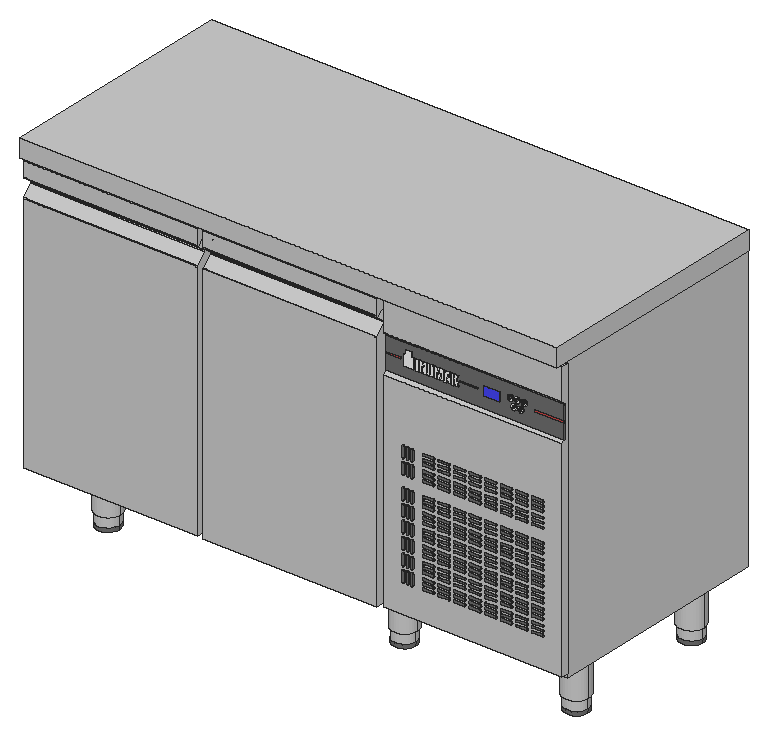
Revit family "QF_INOMAK_PMRP99_250528104133", category Specialty Equipment, Revit 2021 (continued)
Definition of nested family "QF_INOMAK_REF_COUNTERS_DOORS_DRAWERS_16690"
  Definition of nested family "4_Drawers_1-4"
    Parameters (values of type "4 Drawers 1-4")
      Description = ""
      Depth Actual [instance] = 700 mm
      Default Elevation = 0 mm
      Bottom inset [instance] = 4 mm
      Assembly Code = "E1090320"
      4 Drawers [instance] = Doors drawers type = 7  # yes
    Reference planes
      plane 1 "Back": y = 0
      plane 2: z = 0
      plane 3 "Left": x = 0
      plane 4 "Right": x = 1200
      plane 5 "Front": y = -700
      plane 6 "Top": z = 1050
      plane 7 "Front legs": y = -690
      plane 8 "Legs top": z = 150
      plane 9 "Backsplash thickness": y = -10
      plane 10 "Left panel": x = 35
      plane 11 "Right panel": x = 1165
      plane 12: z = 824.25
      plane 13: z = 1046
      plane 14: z = 826.083
      plane 15: z = 822.417
      plane 16: z = 1048.5
      plane 17: z = 375.75
      plane 18: z = 377.917
      plane 19: z = 373.583
      plane 20: z = 154
      plane 21: z = 151.5
      plane 22: z = 600
      plane 23: z = 601.833
      plane 24: z = 598.167
    Forms (mm)
      Extrusion 1, solid, material <- "Finish", visible <- "4 Drawers"
        sketch origin (35, 0, -1) x (0, -1, 0) y (0, 0, 1)
          loop
            line (680, 1047) -> (670, 1047) -> (670, 827.083) -> (690, 827.083) -> (690, 990.844)
            arc (690, 990.844) -> (689.115, 996.728) -> (686.539, 1002.09) r 20
            line (686.539, 1002.09) -> (673, 1022) -> (673, 1044) -> (680, 1044)
            arc (680, 1044) -> (684.95, 1041.95) -> (687, 1037) r 7
            line (687, 1037) -> (687, 1031.988) -> (690, 1031.988) -> (690, 1037)
            arc (690, 1037) -> (687.071, 1044.071) -> (680, 1047) r 10
        from 0 to -1130
      Extrusion 2, solid, visible <- "4 Drawers", detail levels coarse
        sketch origin (0, -640.463, 826.083) x (0, 1, 0) y (-1, 0, 0)
          loop
            line (-49.537, -35) -> (-624.537, -35) -> (-624.537, -1165) -> (-49.537, -1165) -> (-49.537, -35)
        from 0 to 219.917
      Extrusion 3, solid, visible <- "4 Drawers", detail levels coarse
        sketch origin (0, -700, 154) x (-1, 0, 0) y (0, 1, 0)
          loop
            line (-35, 10) -> (-1165, 10) -> (-1165, -565) -> (-35, -565) -> (-35, 10)
        from 0 to -219.583
      Extrusion 4, solid, material <- "Finish", visible <- "4 Drawers"
        sketch origin (35, 0, -440.333) x (0, -1, 0) y (0, 0, 1)
          loop
            line (680, 813.917) -> (670, 813.917) -> (670, 594.333) -> (690, 594.333) -> (690, 757.761)
            arc (690, 757.761) -> (689.115, 763.644) -> (686.539, 769.007) r 20
            line (686.539, 769.007) -> (673, 788.917) -> (673, 810.917) -> (680, 810.917)
            arc (680, 810.917) -> (684.95, 808.866) -> (687, 803.917) r 7
            line (687, 803.917) -> (687, 798.904) -> (690, 798.904) -> (690, 803.917)
            arc (690, 803.917) -> (687.071, 810.988) -> (680, 813.917) r 10
        from 0 to -1130
      Extrusion 5, solid, material <- "Finish", visible <- "4 Drawers"
        sketch origin (35, 0, -165.333) x (0, -1, 0) y (0, 0, 1)
          loop
            line (680, 987.75) -> (670, 987.75) -> (670, 767.167) -> (690, 767.167) -> (690, 931.594)
            arc (690, 931.594) -> (689.115, 937.478) -> (686.539, 942.84) r 20
            line (686.539, 942.84) -> (673, 962.75) -> (673, 984.75) -> (680, 984.75)
            arc (680, 984.75) -> (684.95, 982.7) -> (687, 977.75) r 7
            line (687, 977.75) -> (687, 972.738) -> (690, 972.738) -> (690, 977.75)
            arc (690, 977.75) -> (687.071, 984.821) -> (680, 987.75) r 10
        from 0 to -1130
      Extrusion 6, solid, material <- "Finish", visible <- "4 Drawers"
        sketch origin (35, 0, -330.333) x (0, -1, 0) y (0, 0, 1)
          loop
            line (680, 928.5) -> (670, 928.5) -> (670, 708.25) -> (690, 708.25) -> (690, 872.344)
            arc (690, 872.344) -> (689.115, 878.228) -> (686.539, 883.59) r 20
            line (686.539, 883.59) -> (673, 903.5) -> (673, 925.5) -> (680, 925.5)
            arc (680, 925.5) -> (684.95, 923.45) -> (687, 918.5) r 7
            line (687, 918.5) -> (687, 913.488) -> (690, 913.488) -> (690, 918.5)
            arc (690, 918.5) -> (687.071, 925.571) -> (680, 928.5) r 10
        from 0 to -1130
      Extrusion 7, solid, visible <- "4 Drawers", detail levels coarse
        sketch origin (0, -500.463, 601.833) x (0, 1, 0) y (-1, 0, 0)
          loop
            line (-189.537, -35) -> (-764.537, -35) -> (-764.537, -1165) -> (-189.537, -1165) -> (-189.537, -35)
        from 0 to 220.583
      Extrusion 8, solid, visible <- "4 Drawers", detail levels coarse
        sketch origin (0, -540.463, 377.917) x (0, 1, 0) y (-1, 0, 0)
          loop
            line (-149.537, -35) -> (-724.537, -35) -> (-724.537, -1165) -> (-149.537, -1165) -> (-149.537, -35)
        from 0 to 220.25
    Lines and regions (mm)
      symbolic lines, visible <- "4 Drawers"
        curve 1: line (35, -945, 900) -> (35, -985, 900)
        curve 2: line (35, -985, 900) -> (1165, -985, 900)
        curve 3: line (1165, -985, 900) -> (1165, -945, 900)
        curve 4: line (1165, -945, 900) -> (35, -945, 900)
        curve 5: line (1135, -945, 900) -> (1135, -845, 900)
        curve 6: line (65, -945, 900) -> (65, -845, 900)
        curve 7: line (35, -1085, 900) -> (35, -1125, 900)
        curve 8: line (35, -1125, 900) -> (1165, -1125, 900)
        curve 9: line (1165, -1125, 900) -> (1165, -1085, 900)
        curve 10: line (1165, -1085, 900) -> (35, -1085, 900)
        curve 11: line (1135, -1085, 900) -> (1135, -985, 900)
        curve 12: line (65, -1085, 900) -> (65, -985, 900)
        curve 13: line (35, -1225, 900) -> (35, -1265, 900)
        curve 14: line (35, -1265, 900) -> (1165, -1265, 900)
        curve 15: line (1165, -1265, 900) -> (1165, -1225, 900)
        curve 16: line (1165, -1225, 900) -> (35, -1225, 900)
        curve 17: line (1135, -1225, 900) -> (1135, -1125, 900)
        curve 18: line (65, -1225, 900) -> (65, -1125, 900)
        curve 19: line (35, -805, 900) -> (35, -845, 900)
        curve 20: line (35, -845, 900) -> (1165, -845, 900)
        curve 21: line (1165, -845, 900) -> (1165, -805, 900)
        curve 22: line (1165, -805, 900) -> (35, -805, 900)
        curve 23: line (65, -805, 900) -> (65, -700, 900)
        curve 24: line (1135, -805, 900) -> (1135, -700, 900)
    Dimensions and locks
      "Length Actual": plane 3 "Left" to plane 4 "Right"
      "Depth Actual": plane 5 "Front" to plane 1 "Back"
      "Height Actual": plane 6 "Top" to plane 8 "Legs top"
      "Front inset": plane 7 "Front legs" to plane 5 "Front"
      "Plinth height": plane 8 "Legs top" to plane 2
      "Rear inset": plane 9 "Backsplash thickness" to plane 1 "Back"
      "Right panel thickness": plane 11 "Right panel" to plane 4 "Right"
      "Left panel thickness": plane 3 "Left" to plane 10 "Left panel"
      locked: plane 14 to plane 15 at 3.667
      equal spacing: plane 14, plane 12, plane 15
      locked: plane 23 to plane 24 at 3.667
      equal spacing: plane 23, plane 22, plane 24
      "Bottom inset": plane 20 to plane 8 "Legs top"
      equal spacing: plane 19, plane 17, plane 18
      locked: plane 19 to plane 18 at 4.333
      equal spacing: plane 21, plane 17, plane 22, plane 12, plane 16
      locked: plane 13 to plane 16 at 2.5
      "Top inset": plane 13 to plane 6 "Top"
      locked: plane 21 to plane 20 at 2.5
      aligned and locked: level to plane 2
      aligned and locked: plane 7 "Front legs" to Extrusion 1 sketch curve  (x2)
      aligned and locked: Extrusion 1 to plane 11 "Right panel"
      aligned and locked: Extrusion 1 sketch curve to plane 13
      aligned and locked: Extrusion 1 sketch curve to plane 14
      aligned and locked: plane 10 "Left panel" to curve 1
      aligned and locked: plane 10 "Left panel" to curve 7
      aligned and locked: plane 10 "Left panel" to curve 13
      aligned and locked: Extrusion 2 sketch curve to plane 10 "Left panel"
      aligned and locked: plane 11 "Right panel" to Extrusion 2 sketch curve
      aligned and locked: Extrusion 3 sketch curve to plane 10 "Left panel"
      aligned and locked: plane 11 "Right panel" to Extrusion 3 sketch curve
      aligned and locked: Extrusion 2 to plane 13
      aligned and locked: Extrusion 3 to plane 19
      aligned and locked: plane 20 to Extrusion 4 sketch curve
      aligned and locked: Extrusion 4 to plane 11 "Right panel"
      aligned and locked: Extrusion 5 sketch curve to plane 15
      aligned and locked: plane 7 "Front legs" to Extrusion 5 sketch curve
      aligned and locked: Extrusion 5 sketch curve to plane 23
      aligned and locked: Extrusion 6 sketch curve to plane 24
      aligned and locked: plane 7 "Front legs" to Extrusion 6 sketch curve
      aligned and locked: Extrusion 6 sketch curve to plane 18
      aligned and locked: Extrusion 7 to plane 15
      aligned and locked: Extrusion 8 to plane 24
      aligned and locked: Extrusion 5 to plane 11 "Right panel"
      aligned and locked: Extrusion 6 to plane 11 "Right panel"
    Automatic sketch dimensions
      Extrusion 1 sketch curve to Extrusion 1 sketch curve = 0 mm  (x2)
      plane 7 "Front legs" to Extrusion 1 sketch curve = 3 mm
      plane 7 "Front legs" to Extrusion 1 sketch curve = 3.461 mm
      plane 7 "Front legs" to Extrusion 1 sketch curve = 10 mm
      Extrusion 1 sketch curve to Extrusion 1 sketch curve = 7 mm
      plane 7 "Front legs" to Extrusion 1 sketch curve = 20 mm  (x2)
      Extrusion 1 sketch curve to Extrusion 1 sketch curve = 46.156 mm
      Extrusion 1 sketch curve to Extrusion 1 sketch curve = 15 mm
      Extrusion 1 sketch curve to Extrusion 1 sketch curve = 5.012 mm
      Extrusion 2 sketch curve to plane 7 "Front legs" = 0 mm
      Extrusion 2 sketch curve to plane 5 "Front" = 565 mm
      Extrusion 3 sketch curve to plane 7 "Front legs" = 0 mm
      Extrusion 3 sketch curve to plane 5 "Front" = 565 mm
      Extrusion 5 sketch curve to Extrusion 5 sketch curve = 0 mm  (x2)
      Extrusion 5 sketch curve to plane 7 "Front legs" = 0 mm
      plane 7 "Front legs" to Extrusion 5 sketch curve = 3 mm
      plane 7 "Front legs" to Extrusion 5 sketch curve = 3.461 mm
      plane 7 "Front legs" to Extrusion 5 sketch curve = 10 mm
      Extrusion 5 sketch curve to Extrusion 5 sketch curve = 7 mm
      plane 7 "Front legs" to Extrusion 5 sketch curve = 20 mm  (x2)
      Extrusion 5 sketch curve to Extrusion 5 sketch curve = 46.156 mm
      Extrusion 5 sketch curve to Extrusion 5 sketch curve = 15 mm
      Extrusion 5 sketch curve to Extrusion 5 sketch curve = 5.012 mm
      Extrusion 6 sketch curve to Extrusion 6 sketch curve = 0 mm  (x2)
      Extrusion 6 sketch curve to plane 7 "Front legs" = 0 mm
      plane 7 "Front legs" to Extrusion 6 sketch curve = 3 mm
      plane 7 "Front legs" to Extrusion 6 sketch curve = 3.461 mm
      plane 7 "Front legs" to Extrusion 6 sketch curve = 10 mm
      Extrusion 6 sketch curve to Extrusion 6 sketch curve = 7 mm
      plane 7 "Front legs" to Extrusion 6 sketch curve = 20 mm  (x2)
      Extrusion 6 sketch curve to Extrusion 6 sketch curve = 46.156 mm
      Extrusion 6 sketch curve to Extrusion 6 sketch curve = 15 mm
      Extrusion 6 sketch curve to Extrusion 6 sketch curve = 5.012 mm
      curve 14 to plane 11 "Right panel" = 0 mm
      curve 8 to plane 11 "Right panel" = 0 mm
      curve 2 to plane 11 "Right panel" = 0 mm
      curve 21 to plane 11 "Right panel" = 0 mm
      curve 20 to plane 10 "Left panel" = 0 mm
      curve 23 to plane 5 "Front" = 0 mm
      curve 24 to plane 5 "Front" = 0 mm
      curve 21 to plane 5 "Front" = 105 mm
      curve 20 to curve 21 = 40 mm
      curve 3 to curve 20 = 100 mm
      curve 3 to curve 3 = 40 mm
      curve 10 to curve 1 = 100 mm
      curve 9 to curve 9 = 40 mm
      curve 15 to curve 8 = 100 mm
      curve 15 to curve 15 = 40 mm
      plane 11 "Right panel" to curve 24 = 30 mm
      curve 8 to curve 17 = 30 mm
      curve 11 to curve 17 = 0 mm
      curve 23 to plane 10 "Left panel" = 30 mm
      curve 12 to curve 6 = 0 mm
      curve 18 to curve 12 = 0 mm
      Extrusion 4 sketch curve to Extrusion 4 sketch curve = 0 mm  (x2)
      plane 19 to Extrusion 4 sketch curve = 0 mm
      Extrusion 4 sketch curve to plane 7 "Front legs" = 0 mm  (x2)
      plane 7 "Front legs" to Extrusion 4 sketch curve = 3 mm
      plane 7 "Front legs" to Extrusion 4 sketch curve = 3.461 mm
      plane 7 "Front legs" to Extrusion 4 sketch curve = 10 mm
      Extrusion 4 sketch curve to Extrusion 4 sketch curve = 7 mm
      plane 7 "Front legs" to Extrusion 4 sketch curve = 20 mm  (x2)
      Extrusion 4 sketch curve to Extrusion 4 sketch curve = 46.156 mm
      Extrusion 4 sketch curve to Extrusion 4 sketch curve = 15 mm
      Extrusion 4 sketch curve to Extrusion 4 sketch curve = 5.012 mm
      Extrusion 7 sketch curve to plane 10 "Left panel" = 0 mm
      Extrusion 7 sketch curve to plane 11 "Right panel" = 0 mm
      Extrusion 7 sketch curve to plane 7 "Front legs" = 0 mm
      Extrusion 7 sketch curve to plane 5 "Front" = 565 mm
      Extrusion 8 sketch curve to plane 10 "Left panel" = 0 mm
      Extrusion 8 sketch curve to plane 11 "Right panel" = 0 mm
      Extrusion 8 sketch curve to plane 7 "Front legs" = 0 mm
      Extrusion 8 sketch curve to plane 5 "Front" = 565 mm
      curve 6 to plane 10 "Left panel" = 30 mm
      curve 5 to curve 24 = 0 mm
  Definition of nested family "Hinged_Doors"
    Parameters (values of type "Hinged doors")
      URL = "www.specifiglobal.com"
      Top inset [instance] = 4 mm
      Right panel thickness [instance] = 35 mm
      Rear inset [instance] = 10 mm
      Plinth height [instance] = 150 mm
      Model = ""
      Manufacturer = "DEMO CONSULTANT"
      Length Actual [instance] = 1200 mm
      Left panel thickness [instance] = 35 mm
      Hinged doors [instance] = Doors drawers type = 3  # yes
      Height Actual [instance] = 900 mm
      Front inset [instance] = 10 mm
      Finish [instance] = none
      Doors drawers type [instance] = 3
      Description = ""
      Depth Actual [instance] = 700 mm
      Default Elevation = 0 mm
      Bottom inset [instance] = 4 mm
      Assembly Code = "E1090320"
    Reference planes
      plane 1 "Back": y = 0
      plane 2: z = 0
      plane 3 "Left": x = 0
      plane 4 "Right": x = 1200
      plane 5 "Front": y = -700
      plane 6 "Top": z = 1050
      plane 7 "Front legs": y = -690
      plane 8 "Legs top": z = 150
      plane 9 "Backsplash thickness": y = -10
      plane 10: x = 35
      plane 11: x = 1165
      plane 12 "Center Left-Right": x = 600
      plane 13: x = 597.5
      plane 14: x = 602.5
      plane 15: z = 154
      plane 16: z = 1046
    Forms (mm)
      Extrusion 1, solid, material <- "Finish", visible <- "Hinged doors"
        sketch origin (35, -2307.849, 4000) x (0, -1, 0) y (0, 0, 1)
          loop
            line (-1627.849, -2954) -> (-1637.849, -2954) -> (-1637.849, -3846) -> (-1617.849, -3846) -> (-1617.849, -3010.156)
            arc (-1617.849, -3010.156) -> (-1618.734, -3004.272) -> (-1621.31, -2998.91) r 20
            line (-1621.31, -2998.91) -> (-1634.849, -2979) -> (-1634.849, -2957) -> (-1627.849, -2957)
            arc (-1627.849, -2957) -> (-1622.899, -2959.05) -> (-1620.849, -2964) r 7
            line (-1620.849, -2964) -> (-1620.849, -2969.012) -> (-1617.849, -2969.012) -> (-1617.849, -2964)
            arc (-1617.849, -2964) -> (-1620.778, -2956.929) -> (-1627.849, -2954) r 10
        from 0 to -562.5
      Extrusion 2, solid, visible <- "Hinged doors", detail levels coarse
        sketch origin (0, -700, 154) x (-1, 0, 0) y (0, 1, 0)
          loop
            line (-35, 10) -> (-597.5, 10)
            arc (-597.5, 10) -> (-432.748, -387.748) -> (-35, -552.5) r 562.5
            line (-35, -552.5) -> (-35, 10)
        from 0 to -892
      Extrusion 3, solid, material <- "Finish", visible <- "Hinged doors"
        sketch origin (1165, -2312.576, 4000) x (0, -1, 0) y (0, 0, 1)
          loop
            line (-1632.576, -2954) -> (-1642.576, -2954) -> (-1642.576, -3846) -> (-1622.576, -3846) -> (-1622.576, -3010.156)
            arc (-1622.576, -3010.156) -> (-1623.46, -3004.272) -> (-1626.037, -2998.91) r 20
            line (-1626.037, -2998.91) -> (-1639.576, -2979) -> (-1639.576, -2957) -> (-1632.576, -2957)
            arc (-1632.576, -2957) -> (-1627.626, -2959.05) -> (-1625.576, -2964) r 7
            line (-1625.576, -2964) -> (-1625.576, -2969.012) -> (-1622.576, -2969.012) -> (-1622.576, -2964)
            arc (-1622.576, -2964) -> (-1625.504, -2956.929) -> (-1632.576, -2954) r 10
        from 0 to 562.5
      Extrusion 4, solid, visible <- "Hinged doors", detail levels coarse
        sketch origin (0, -700, 154) x (-1, 0, 0) y (0, 1, 0)
          loop
            line (-1165, 10) -> (-1165, -552.5)
            arc (-1165, -552.5) -> (-767.252, -387.748) -> (-602.5, 10) r 562.5
            line (-602.5, 10) -> (-1165, 10)
        from 0 to -892
    Lines and regions (mm)
      symbolic lines, visible <- "Hinged doors"
        curve 1: line (35, -700, 150) -> (35, -1252.5, 150)
        curve 2: arc (35, -1252.5, 150) -> (429.196, -1091.268, 150) -> (597.411, -700, 150) r 562.5
        curve 3: arc (602.589, -700, 150) -> (770.804, -1091.268, 150) -> (1165, -1252.5, 150) r 562.5
        curve 4: line (1165, -1252.5, 150) -> (1165, -700, 150)
    Dimensions and locks
      "Length Actual": plane 3 "Left" to plane 4 "Right"
      "Depth Actual": plane 5 "Front" to plane 1 "Back"
      "Height Actual": plane 6 "Top" to plane 8 "Legs top"
      "Front inset": plane 7 "Front legs" to plane 5 "Front"
      "Plinth height": plane 8 "Legs top" to plane 2
      "Rear inset": plane 9 "Backsplash thickness" to plane 1 "Back"
      "Right panel thickness": plane 11 to plane 4 "Right"
      "Left panel thickness": plane 3 "Left" to plane 10
      equal spacing: plane 10, plane 12 "Center Left-Right", plane 11
      plane 13 to plane 12 "Center Left-Right" = 2.5 mm
      plane 12 "Center Left-Right" to plane 14 = 2.5 mm
      "Bottom inset": plane 15 to plane 8 "Legs top"
      "Top inset": plane 16 to plane 6 "Top"
      aligned and locked: level to plane 2
      aligned and locked: Extrusion 1 to plane 13
      aligned and locked: plane 10 to Extrusion 2 sketch curve
      aligned and locked: plane 13 to Extrusion 2 sketch curve
      aligned and locked: plane 7 "Front legs" to Extrusion 2 sketch curve  (x2)
      aligned and locked: plane 14 to Extrusion 3
      aligned and locked: Extrusion 2 to curve 1
      aligned and locked: curve 2 to Extrusion 2
      aligned and locked: curve 3 to Extrusion 4
      aligned and locked: curve 4 to Extrusion 4
      aligned and locked: plane 5 "Front" to curve 1
      aligned and locked: plane 5 "Front" to curve 2
      aligned and locked: plane 5 "Front" to curve 3
      aligned and locked: plane 5 "Front" to curve 4
      aligned and locked: Extrusion 4 to plane 16
      aligned and locked: Extrusion 2 to plane 16
      aligned and locked: Extrusion 1 sketch curve to plane 16
      aligned and locked: Extrusion 1 sketch curve to plane 15
      aligned and locked: Extrusion 3 sketch curve to plane 15
      aligned and locked: Extrusion 3 sketch curve to plane 16
    Automatic sketch dimensions
      Extrusion 1 sketch curve to Extrusion 1 sketch curve = 0 mm  (x2)
      Extrusion 1 sketch curve to plane 7 "Front legs" = 0 mm  (x2)
      plane 7 "Front legs" to Extrusion 1 sketch curve = 3 mm
      plane 7 "Front legs" to Extrusion 1 sketch curve = 3.461 mm
      plane 7 "Front legs" to Extrusion 1 sketch curve = 10 mm
      Extrusion 1 sketch curve to Extrusion 1 sketch curve = 7 mm
      plane 7 "Front legs" to Extrusion 1 sketch curve = 20 mm  (x2)
      Extrusion 1 sketch curve to Extrusion 1 sketch curve = 46.156 mm
      Extrusion 1 sketch curve to Extrusion 1 sketch curve = 15 mm
      Extrusion 1 sketch curve to Extrusion 1 sketch curve = 5.012 mm
      Extrusion 3 sketch curve to Extrusion 3 sketch curve = 0 mm  (x2)
      Extrusion 3 sketch curve to plane 7 "Front legs" = 0 mm  (x2)
      Extrusion 3 sketch curve to Extrusion 3 sketch curve = 3 mm
      plane 7 "Front legs" to Extrusion 3 sketch curve = 3.461 mm
      plane 7 "Front legs" to Extrusion 3 sketch curve = 10 mm
      Extrusion 3 sketch curve to Extrusion 3 sketch curve = 7 mm
      Extrusion 3 sketch curve to Extrusion 3 sketch curve = 16.539 mm
      Extrusion 3 sketch curve to Extrusion 3 sketch curve = 20 mm
      Extrusion 3 sketch curve to Extrusion 3 sketch curve = 46.156 mm
      Extrusion 3 sketch curve to Extrusion 3 sketch curve = 15 mm
      Extrusion 3 sketch curve to Extrusion 3 sketch curve = 5.012 mm
      Extrusion 4 sketch curve to plane 11 = 0 mm
      Extrusion 4 sketch curve to plane 7 "Front legs" = 0 mm
      Extrusion 4 sketch curve to plane 14 = 0 mm
  Definition of nested family "Hopper"
    Parameters (values of type "Hopper")
      URL = "www.specifiglobal.com"
      Top inset [instance] = 4 mm
      Right panel thickness [instance] = 35 mm
      Rear inset [instance] = 10 mm
      Plinth height [instance] = 150 mm
      Model = ""
      Manufacturer = "DEMO CONSULTANT"
      Length Actual [instance] = 700 mm
      Left panel thickness [instance] = 35 mm
      Hopper [instance] = Doors drawers type = 10  # yes
      Height Actual [instance] = 900 mm
      Front inset [instance] = 10 mm
      Finish [instance] = none
      Doors drawers type [instance] = 10
      Description = ""
      Depth Actual [instance] = 700 mm
      Default Elevation = 0 mm
      Bottom inset [instance] = 4 mm
      Assembly Code = "E1090320"
      2 Drawers = yes
    Reference planes
      plane 1 "Back": y = 0
      plane 2: z = 0
      plane 3 "Left": x = 0
      plane 4 "Right": x = 700
      plane 5 "Front": y = -700
      plane 6 "Top": z = 1050
      plane 7 "Front legs": y = -690
      plane 8 "Legs top": z = 150
      plane 9 "Backsplash thickness": y = -10
      plane 10 "Left panel": x = 35
      plane 11 "Right panel": x = 665
      plane 12: z = 1046
      plane 13: z = 154
    Forms (mm)
      Extrusion 1, solid, material <- "Finish", visible <- "Hopper"
        sketch origin (35, 0, 0) x (0, -1, 0) y (0, 0, 1)
          loop
            line (690, 154) -> (690, 960.365)
            arc (690, 960.365) -> (689.866, 961.037) -> (689.485, 961.607) r 1.757
            line (689.485, 961.607) -> (666.663, 984.429)
            arc (666.663, 984.429) -> (665.976, 985.458) -> (665.734, 986.672) r 3.172
            line (665.734, 986.672) -> (665.734, 1013.576)
            arc (665.734, 1013.576) -> (666.433, 1015.262) -> (668.119, 1015.961) r 2.385
            line (668.119, 1015.961) -> (680.029, 1015.961) -> (686.544, 1006.657)
            arc (686.544, 1006.657) -> (688.671, 1005.935) -> (690, 1007.747) r 1.9
            line (690, 1007.747) -> (690, 1046) -> (648, 1046) -> (648, 154) -> (690, 154)
        from 0 to -630
      Extrusion 2, solid, visible <- "Hopper", detail levels coarse
        sketch origin (35, 0, 0) x (0, -1, 0) y (0, 0, 1)
          loop
            line (690, 154) -> (1265, 154) -> (1265, 1046) -> (690, 1046) -> (690, 154)
        from 0 to -630
    Lines and regions (mm)
      symbolic lines, visible <- "Hopper"
        curve 1: line (35, -1225, 900) -> (35, -1265, 900)
        curve 2: line (35, -1265, 900) -> (665, -1265, 900)
        curve 3: line (665, -1265, 900) -> (665, -1225, 900)
        curve 4: line (665, -1225, 900) -> (35, -1225, 900)
        curve 5: line (635, -1225, 900) -> (635, -700, 900)
        curve 6: line (65, -1225, 900) -> (65, -700, 900)
    Dimensions and locks
      "Length Actual": plane 3 "Left" to plane 4 "Right"
      "Depth Actual": plane 5 "Front" to plane 1 "Back"
      "Height Actual": plane 6 "Top" to plane 8 "Legs top"
      "Front inset": plane 7 "Front legs" to plane 5 "Front"
      "Plinth height": plane 8 "Legs top" to plane 2
      "Rear inset": plane 9 "Backsplash thickness" to plane 1 "Back"
      "Right panel thickness": plane 11 "Right panel" to plane 4 "Right"
      "Left panel thickness": plane 3 "Left" to plane 10 "Left panel"
      "Top inset": plane 12 to plane 6 "Top"
      "Bottom inset": plane 13 to plane 8 "Legs top"
      aligned and locked: level to plane 2
      aligned and locked: Extrusion 1 to plane 11 "Right panel"
      aligned and locked: Extrusion 2 to plane 11 "Right panel"
      aligned and locked: plane 10 "Left panel" to Extrusion 2
      aligned and locked: Extrusion 1 sketch curve to plane 12
      aligned and locked: Extrusion 1 sketch curve to Extrusion 2
      aligned and locked: Extrusion 1 sketch curve to plane 13
    Automatic sketch dimensions
      Extrusion 1 sketch curve to Extrusion 1 sketch curve = 17.734 mm
      Extrusion 1 sketch curve to Extrusion 1 sketch curve = 0.929 mm
      Extrusion 1 sketch curve to Extrusion 1 sketch curve = 2.385 mm
      Extrusion 1 sketch curve to Extrusion 1 sketch curve = 3.172 mm
      Extrusion 1 sketch curve to Extrusion 1 sketch curve = 11.91 mm
      Extrusion 1 sketch curve to Extrusion 1 sketch curve = 6.515 mm
      Extrusion 1 sketch curve to Extrusion 1 sketch curve = 1.556 mm
      Extrusion 1 sketch curve to Extrusion 1 sketch curve = 21.58 mm
      Extrusion 1 sketch curve to Extrusion 1 sketch curve = 1.242 mm
      Extrusion 1 sketch curve to Extrusion 1 sketch curve = 1.9 mm
      Extrusion 1 sketch curve to Extrusion 1 sketch curve = 0.515 mm
      Extrusion 1 sketch curve to Extrusion 1 sketch curve = 22.822 mm
      Extrusion 1 sketch curve to Extrusion 1 sketch curve = 19.985 mm
      Extrusion 1 sketch curve to Extrusion 1 sketch curve = 6.919 mm
      Extrusion 1 sketch curve to Extrusion 1 sketch curve = 30.039 mm
      Extrusion 2 sketch curve to plane 7 "Front legs" = 0 mm
      plane 13 to Extrusion 2 sketch curve = 0 mm
      plane 12 to Extrusion 2 sketch curve = 0 mm
      Extrusion 2 sketch curve to plane 5 "Front" = 565 mm
      curve 1 to plane 10 "Left panel" = 0 mm
      curve 2 to plane 11 "Right panel" = 0 mm
      curve 6 to plane 5 "Front" = 0 mm
      curve 5 to plane 5 "Front" = 0 mm
      curve 4 to plane 5 "Front" = 525 mm
      curve 3 to curve 3 = 40 mm
      plane 11 "Right panel" to curve 5 = 30 mm
      curve 6 to plane 10 "Left panel" = 30 mm
Definition of nested family "QF_INOMAK_REF_COUNTERS_WORKTOPS_26161"
  Parameters (values of type "WTWA-1545-700")
    Worktop without backsplash [instance] = Worktop type = 3  # no
    Worktop with backsplash [instance] = Worktop type = 2  # yes
    Worktop type [instance] = 2
    Worktop thickness [instance] = 46 mm
    Without worktop [instance] = or(Worktop type > 3, Worktop type < 2)  # no
    Weight [instance] = 0.00 kg
    Warranty Start Date [instance] = ""
    Warranty Duration [instance] = ""
    URL Cutsheet [instance] = ""
    URL = "www.inomak.com"
    Technical Documentation [instance] = ""
    Tag Number [instance] = ""
    Status [instance] = ""
    Specification by User [instance] = ""
    Specification by Manufacturer [instance] = ""
    Sound Level [instance] = ""
    Solid Fuel Type [instance] = ""
    Show Logo [instance] = yes
    Show Clearances [instance] = yes
    Service Life Duration [instance] = ""
    Serial Number [instance] = ""
    Seismic Rating [instance] = ""
    SMACNA No [instance] = ""
    Revision Code [instance] = ""
    Revision [instance] = ""
    Production Year [instance] = ""
    Point Load [instance] = 0
    Other Equipment Approvals [instance] = ""
    NAFEM Spec ID Number [instance] = ""
    Model Warning [instance] = ""
    Model = "WTWA"
    Masterspec [instance] = ""
    Manufacturer = "INOMAK"
    Length Actual [instance] = 1546 mm
    Item Number [instance] = ""
    Installed By [instance] = ""
    Installation Date [instance] = ""
    Identify Quantity as Lot [instance] = yes
    ID [instance] = ""
    Hygiene Approval [instance] = ""
    Height Actual [instance] = 0 mm
    Height AFF [instance] = 0 mm
    Furnished By [instance] = ""
    Foodservice Equipment Identifier [instance] = yes
    Finish [instance] = none
    ETL Approved [instance] = yes
    Description = "WORKTOP WITH UPSTAND"
    Depth Actual [instance] = 700 mm
    Default Elevation = 0 mm
    CSI MasterFormat [instance] = ""
    CE Approved [instance] = yes
    Barcode [instance] = ""
    Backsplash thickness [instance] = 20 mm
    Backsplash height [instance] = 60 mm
    Author [instance] = ""
    Asset Identifier [instance] = ""
    Assembly Code = "E1090320"
    Accessory [instance] = yes
  Types (40, lengths in mm): name | Worktop without backsplash | Worktop with backsplash | Worktop type | Worktop thickness | Without worktop | Model | Length Actual | Description | Depth Actual
    WTWT-2240-700 | yes | no | 3 | 46 | no | "WTWT" | 2242 | "STANDARD WORKTOP" | 700
    WTWA-2240-700 | no | yes | 2 | 46 | no | "WTWA" | 2242 | "WORKTOP WITH UPSTAND" | 700
    WOWT-2240-700 | no | no | 1 | 46 | yes | "WOWT" | 2242 | "WITHOUT WORKTOP" | 700
    WTWA-1790-700 | no | yes | 2 | 46 | no | "WTWA" | 1792 | "WORKTOP WITH UPSTAND" | 700
    WTWA-1345-700 | no | yes | 2 | 46 | no | "WTWA" | 1342 | "WORKTOP WITH UPSTAND" | 700
    WOWT-1790-700 | no | no | 1 | 46 | yes | "WOWT" | 1792 | "WITHOUT WORKTOP" | 700
    WOWT-1345-700 | no | no | 1 | 46 | yes | "WOWT" | 1342 | "WITHOUT WORKTOP" | 700
    WTWT-1790-700 | yes | no | 3 | 46 | no | "WTWT" | 1792 | "STANDARD WORKTOP" | 700
    WTWT-1345-700 | yes | no | 3 | 46 | no | "WTWT" | 1342 | "STANDARD WORKTOP" | 700
    WTWA-1080-700 | no | yes | 2 | 46 | no | "WTWA" | 1080 | "WORKTOP WITH UPSTAND" | 700
    WTWT-1080-700 | yes | no | 3 | 46 | no | "WTWT" | 1080 | "STANDARD WORKTOP" | 700
    WTWA-1080-700-80 | no | yes | 2 | 80 | no | "WTWA-80" | 1080 | "WORKTOP WITH UPSTAND, 80CM DEEP WORKTOP" | 700
    WTWT-1080-700-80 | yes | no | 3 | 80 | no | "WTWT-80" | 1080 | "WORKTOP WITH 80CM DEEP" | 700
    WOWT-1345-600 | no | no | 1 | 46 | yes | "WOWT" | 1342 | "WITHOUT WORKTOP" | 600
    WOWT-1790-600 | no | no | 1 | 46 | yes | "WOWT" | 1792 | "WITHOUT WORKTOP" | 600
    WOWT-2240-600 | no | no | 1 | 46 | yes | "WOWT" | 2242 | "WITHOUT WORKTOP" | 600
    WTWA-1345-600 | no | yes | 2 | 46 | no | "WTWA" | 1342 | "WORKTOP WITH UPSTAND" | 600
    WTWA-1790-600 | no | yes | 2 | 46 | no | "WTWA" | 1792 | "WORKTOP WITH UPSTAND" | 600
    WTWA-2240-600 | no | yes | 2 | 46 | no | "WTWA" | 2242 | "WORKTOP WITH UPSTAND" | 600
    WTWT-1345-600 | yes | no | 3 | 46 | no | "WTWT" | 1342 | "STANDARD WORKTOP" | 600
    WTWT-1790-600 | yes | no | 3 | 46 | no | "WTWT" | 1792 | "STANDARD WORKTOP" | 600
    WTWT-2240-600 | yes | no | 3 | 46 | no | "WTWT" | 2242 | "STANDARD WORKTOP" | 600
    WOWT-1105-700 | no | no | 1 | 46 | yes | "WOWT" | 1103 | "WITHOUT WORKTOP" | 700
    WTWA-1105-700 | no | yes | 2 | 46 | no | "WTWA" | 1103 | "WORKTOP WITH UPSTAND" | 700
    WTWT-1105-700 | yes | no | 3 | 46 | no | "WTWT" | 1103 | "STANDARD WORKTOP" | 700
    WOWT-1545-700 | no | no | 1 | 46 | yes | "WOWT" | 1546 | "WITHOUT WORKTOP" | 700
    WOWT-1995-700 | no | no | 1 | 46 | yes | "WOWT" | 1996 | "WITHOUT WORKTOP" | 700
    WTWA-1545-700 | no | yes | 2 | 46 | no | "WTWA" | 1546 | "WORKTOP WITH UPSTAND" | 700
    WTWA-1995-700 | no | yes | 2 | 46 | no | "WTWA" | 1996 | "WORKTOP WITH UPSTAND" | 700
    WTWT-1545-700 | yes | no | 3 | 46 | no | "WTWT" | 1546 | "STANDARD WORKTOP" | 700
    WTWT-1995-700 | yes | no | 3 | 46 | no | "WTWT" | 1996 | "STANDARD WORKTOP" | 700
    WTWA-1105-600 | no | yes | 2 | 46 | no | "WTWA" | 1103 | "WORKTOP WITH UPSTAND" | 600
    WTWT-1105-600 | yes | no | 3 | 46 | no | "WTWT" | 1103 | "STANDARD WORKTOP" | 600
    WOWT-1105-600 | no | no | 1 | 46 | yes | "WOWT" | 1103 | "WITHOUT WORKTOP" | 600
    WOWT-1545-600 | no | no | 1 | 46 | yes | "WOWT" | 1546 | "WITHOUT WORKTOP" | 600
    WTWA-1545-600 | no | yes | 2 | 46 | no | "WTWA" | 1546 | "WORKTOP WITH UPSTAND" | 600
    WTWT-1545-600 | yes | no | 3 | 46 | no | "WTWT" | 1546 | "STANDARD WORKTOP" | 600
    WTWT-1995-600 | yes | no | 3 | 46 | no | "WTWT" | 1996 | "STANDARD WORKTOP" | 600
    WTWA-1995-600 | no | yes | 2 | 46 | no | "WTWA" | 1996 | "WORKTOP WITH UPSTAND" | 600
    WOWT-1995-600 | no | no | 1 | 46 | yes | "WOWT" | 1996 | "WITHOUT WORKTOP" | 600
  Reference planes
    plane 1 "Back": y = 0
    plane 2: z = 0
    plane 3 "Left": x = 0
    plane 4 "Right": x = 1546
    plane 5 "Front": y = -700
    plane 6 "Top": z = 46
    plane 7 "Backsplash thickness": y = -20
    plane 8 "Worktop bottom": z = 0
    plane 9 "Upright height": z = 106
    plane 10 "Center Left Right": x = 773
  Lines and regions (mm)
    reference lines
      curve 1: line (773, 0, 106) -> (773, -20, 106)
      curve 2: line (0, -700, 46) -> (1546, -700, 46)
      curve 3: line (1546, -700, 46) -> (1546, 0, 46)
      curve 4: line (0, -700, 46) -> (0, 0, 46)
      curve 5: line (0, 0, 46) -> (1546, 0, 46)
      curve 6: line (773, 0, 0) -> (773, -700, 0)
  Dimensions and locks
    "Length Actual": plane 3 "Left" to plane 4 "Right"
    "Depth Actual": plane 5 "Front" to plane 1 "Back"
    "Backsplash thickness": plane 7 "Backsplash thickness" to plane 1 "Back"
    "Worktop thickness": plane 6 "Top" to plane 8 "Worktop bottom"
    "Backsplash height": plane 9 "Upright height" to plane 6 "Top"
    "Backsplash height": curve 1 to plane 6 "Top"
    "Depth Actual": curve 2 to plane 1 "Back"
    "Length Actual": plane 3 "Left" to curve 3
    "Length Actual": curve 4 to plane 4 "Right"
    "Depth Actual": curve 5 to plane 5 "Front"
    equal spacing: plane 3 "Left", plane 10 "Center Left Right", plane 4 "Right"
    "Height AFF": plane 8 "Worktop bottom" to plane 2
    "Height AFF": curve 6 to plane 2
    aligned and locked: level to plane 2
    aligned and locked: plane 3 "Left" to nested 1
    aligned and locked: plane 1 "Back" to nested 1
  Automatic sketch dimensions
    curve 6 to plane 1 "Back" = 0 mm
    curve 1 to plane 1 "Back" = 0 mm
    curve 1 to plane 7 "Backsplash thickness" = 0 mm
    curve 6 to plane 5 "Front" = 0 mm
  Nested families
    nested 1: "Worktop" at (0, 0, 0), Length Actual <- "Length Actual", Depth Actual <- "Depth Actual", Height AFF <- "Height AFF", Worktop thickness <- "Worktop thickness", Backsplash thickness <- "Backsplash thickness", Backsplash height <- "Backsplash height", type "without backsplash"
      with Worktop thickness 46 mm, Length Actual 1546 mm, Height AFF 0 mm, Depth Actual 700 mm, Backsplash thickness 20 mm, Backsplash height 60 mm, Worktop without backsplash no, Worktop with backsplash yes
  Definition of nested family "Worktop"
    Parameters (values of type "with backsplash")
      Worktop without backsplash = no
      Worktop with backsplash = yes
      Worktop thickness [instance] = 40 mm
      Without worktop = no
      URL = ""
      Model = ""
      Manufacturer = ""
      Length Actual [instance] = 1200 mm
      Height AFF [instance] = 860 mm
      Finish = none
      Description = "TABLE WITH BACKSPLASH"
      Depth Actual [instance] = 700 mm
      Default Elevation = 0 mm
      Backsplash thickness [instance] = 20 mm
      Backsplash height [instance] = 100 mm
      Assembly Code = "E1090320"
    Types (3, lengths in mm): name | Worktop without backsplash | Worktop with backsplash | Without worktop
      with backsplash | no | yes | no
      without backsplash | yes | no | no
      without worktop | no | no | yes
    Reference planes
      plane 1 "Back": y = 0
      plane 2: z = 0
      plane 3 "Left": x = 0
      plane 4 "Right": x = 1200
      plane 5 "Front": y = -700
      plane 6 "Top": z = 900
      plane 7 "Backsplash thickness": y = -20
      plane 8 "Worktop bottom": z = 860
      plane 9 "Upright height": z = 1000
      plane 10 "Center Left Right": x = 600
    Forms (mm)
      Extrusion 1, solid, material <- "Finish", visible <- "Worktop with backsplash"
        sketch origin (0, 0, 0) x (0, 1, 0) y (0, 0, 1)
          loop
            line (0, 1000) -> (-20, 1000) -> (-20, 900) -> (-700, 900) -> (-700, 860) -> (0, 860) -> (0, 1000)
        from 0 to 1200
      Extrusion 2, solid, material <- "Finish", visible <- "Worktop without backsplash"
        sketch origin (0, 0, 0) x (0, 1, 0) y (0, 0, 1)
          loop
            line (0, 860) -> (0, 900) -> (-700, 900) -> (-700, 860) -> (0, 860)
        from 0 to 1200
    Lines and regions (mm)
      Masking region 1, visible <- "Worktop with backsplash"
        outline origin (0, 0, 900) x (0, 1, 0) y (-1, 0, 0)
          loop
            line (0, 0) -> (-700, 0) -> (-700, -1200) -> (0, -1200) -> (0, 0)
      Masking region 2, visible <- "Worktop without backsplash"
        outline origin (0, 0, 900) x (0, 1, 0) y (-1, 0, 0)
          loop
            line (0, 0) -> (-700, 0) -> (-700, -1200) -> (0, -1200) -> (0, 0)
      symbolic lines, visible <- "Worktop with backsplash"
        curve 1: line (0, 0, 0) -> (1200, 0, 0)
        curve 2: line (1200, 0, 0) -> (1200, -700, 0)
        curve 3: line (1200, -700, 0) -> (0, -700, 0)
        curve 4: line (0, -700, 0) -> (0, 0, 0)
        curve 5: line (0, -20, 0) -> (1200, -20, 0)
      symbolic lines, visible <- "Worktop without backsplash"
        curve 6: line (0, 0, 0) -> (1200, 0, 0)
        curve 7: line (1200, 0, 0) -> (1200, -700, 0)
        curve 8: line (1200, -700, 0) -> (0, -700, 0)
        curve 9: line (0, -700, 0) -> (0, 0, 0)
      symbolic lines, visible <- "Without worktop"
        curve 10: line (0, 0, 0) -> (1200, 0, 0)
        curve 11: line (1200, 0, 0) -> (1200, -700, 0)
        curve 12: line (1200, -700, 0) -> (0, -700, 0)
        curve 13: line (0, -700, 0) -> (0, 0, 0)
      reference lines
        curve 14: line (600, 0, 1000) -> (600, -20, 1000)
        curve 15: line (0, -700, 900) -> (1200, -700, 900)
        curve 16: line (1200, -700, 900) -> (1200, 0, 900)
        curve 17: line (0, -700, 900) -> (0, 0, 900)
        curve 18: line (0, 0, 900) -> (1200, 0, 900)
        curve 19: line (600, 0, 860) -> (600, -700, 860)
    Dimensions and locks
      "Length Actual": plane 3 "Left" to plane 4 "Right"
      "Depth Actual": plane 5 "Front" to plane 1 "Back"
      "Backsplash thickness": plane 7 "Backsplash thickness" to plane 1 "Back"
      "Worktop thickness": plane 6 "Top" to plane 8 "Worktop bottom"
      "Backsplash height": plane 9 "Upright height" to plane 6 "Top"
      "Backsplash height": curve 14 to plane 6 "Top"
      "Depth Actual": curve 15 to plane 1 "Back"
      "Length Actual": plane 3 "Left" to curve 16
      "Length Actual": curve 17 to plane 4 "Right"
      "Depth Actual": curve 18 to plane 5 "Front"
      equal spacing: plane 3 "Left", plane 10 "Center Left Right", plane 4 "Right"
      "Height AFF": plane 8 "Worktop bottom" to plane 2
      "Height AFF": curve 19 to plane 2
      aligned and locked: level to plane 2
      aligned and locked: Extrusion 1 to plane 4 "Right"
      aligned and locked: Extrusion 1 sketch curve to plane 7 "Backsplash thickness"
      aligned and locked: curve 5 to plane 7 "Backsplash thickness"
      aligned and locked: Extrusion 1 sketch curve to plane 8 "Worktop bottom"
      aligned and locked: plane 9 "Upright height" to Extrusion 1 sketch curve
      aligned and locked: plane 6 "Top" to Extrusion 1 sketch curve
      aligned and locked: plane 6 "Top" to Extrusion 2 sketch curve
      aligned and locked: Extrusion 2 sketch curve to plane 1 "Back"
      aligned and locked: Extrusion 2 sketch curve to plane 8 "Worktop bottom"
      aligned and locked: Extrusion 2 sketch curve to plane 5 "Front"
      aligned and locked: Extrusion 2 to plane 4 "Right"
      aligned and locked: Masking region 1 sketch curve to Extrusion 1  (x4)
      aligned and locked: Masking region 2 sketch curve to Extrusion 1  (x4)
    Automatic sketch dimensions
      plane 1 "Back" to curve 1 = 0 mm
      curve 13 to plane 3 "Left" = 0 mm
      curve 7 to plane 4 "Right" = 0 mm
      curve 13 to plane 5 "Front" = 0 mm
      Extrusion 1 sketch curve to plane 1 "Back" = 0 mm
      Extrusion 1 sketch curve to plane 5 "Front" = 0 mm
      curve 19 to plane 1 "Back" = 0 mm
      curve 14 to plane 1 "Back" = 0 mm
      curve 14 to plane 7 "Backsplash thickness" = 0 mm
      curve 19 to plane 5 "Front" = 0 mm
      curve 16 to plane 5 "Front" = 0 mm
      curve 17 to plane 5 "Front" = 0 mm
      plane 1 "Back" to curve 17 = 0 mm
      plane 1 "Back" to curve 16 = 0 mm
      curve 15 to plane 4 "Right" = 0 mm
      curve 18 to plane 4 "Right" = 0 mm
      curve 18 to plane 3 "Left" = 0 mm
      curve 15 to plane 3 "Left" = 0 mm
Definition of nested family "QF_INOMAK_REF_COUNTERS_LEGS_27990"
  Parameters (values of type "LG-1790-700")
    Weight [instance] = 0.00 kg
    Warranty Start Date [instance] = ""
    Warranty Duration [instance] = ""
    URL Cutsheet [instance] = ""
    URL = "www.inomak.com"
    Technical Documentation [instance] = ""
    Tag Number [instance] = ""
    Status [instance] = ""
    Specification by User [instance] = ""
    Specification by Manufacturer [instance] = ""
    Sound Level [instance] = ""
    Solid Fuel Type [instance] = ""
    Show Logo [instance] = yes
    Show Clearances [instance] = yes
    Service Life Duration [instance] = ""
    Serial Number [instance] = ""
    Seismic Rating [instance] = ""
    SMACNA No [instance] = ""
    Revision Code [instance] = ""
    Revision [instance] = ""
    Production Year [instance] = ""
    Point Load [instance] = 0
    Other Equipment Approvals [instance] = ""
    NAFEM Spec ID Number [instance] = ""
    Model Warning [instance] = ""
    Model = "LG"
    Masterspec [instance] = ""
    Manufacturer = "INOMAK"
    Length Actual [instance] = 1792 mm
    Legs inset right [instance] = 70 mm
    Legs inset rear [instance] = 90 mm
    Legs inset left [instance] = 100 mm
    Legs inset front [instance] = 150 mm
    Item Number [instance] = ""
    Installed By [instance] = ""
    Installation Date [instance] = ""
    Identify Quantity as Lot [instance] = yes
    ID [instance] = ""
    Hygiene Approval [instance] = ""
    Height Actual [instance] = 144 mm
    Furnished By [instance] = ""
    Foodservice Equipment Identifier [instance] = yes
    ETL Approved [instance] = yes
    Description = "STANDARD LEGS"
    Depth Actual [instance] = 700 mm
    Default Elevation = 0 mm
    CentralLegs [instance] = if(Length Actual > 2000 mm, 2 > 1, 2 < 1)  # no
    CSI MasterFormat [instance] = ""
    CE Approved [instance] = yes
    Barcode [instance] = ""
    Author [instance] = ""
    Asset Identifier [instance] = ""
    Assembly Code = "E1090320"
    Accessory [instance] = yes
  Types (8, lengths in mm): name | Length Actual | Height Actual | Depth Actual | CentralLegs
    LG-2240-700 | 2242 | 144 | 700 | yes
    LG-1790-700 | 1792 | 144 | 700 | no
    LG-1345-700 | 1342 | 144 | 700 | no
    LG-1345-600 | 1342 | 144 | 600 | no
    LG-1790-600 | 1792 | 144 | 600 | no
    LG-2240-600 | 2242 | 144 | 600 | yes
    LG-1790-700-BC | 1792 | 115 | 700 | no
    LG-2240-700-BC | 2242 | 115 | 700 | yes
  Reference planes
    plane 1 "Back": y = 0
    plane 2: z = 0
    plane 3 "Left": x = 0
    plane 4 "Right": x = 1792
    plane 5 "Front": y = -700
    plane 6 "Top": z = 144
    plane 7 "Left offset": x = 100
    plane 8 "Right offset": x = 1722
    plane 9 "Rear offset": y = -90
    plane 10 "Front offset": y = -550
    plane 11 "Central": x = 696
    plane 12: x = 1292
  Dimensions and locks
    "Length Actual": plane 3 "Left" to plane 4 "Right"
    "Depth Actual": plane 5 "Front" to plane 1 "Back"
    "Legs inset left": plane 3 "Left" to plane 7 "Left offset"
    "Legs inset right": plane 8 "Right offset" to plane 4 "Right"
    "Legs inset rear": plane 9 "Rear offset" to plane 1 "Back"
    "Legs inset front": plane 10 "Front offset" to plane 5 "Front"
    "Height Actual": plane 6 "Top" to plane 2
    equal spacing: plane 12, plane 11 "Central", plane 7 "Left offset"
    locked: plane 12 to plane 8 "Right offset" at 430
    aligned and locked: level to plane 2
    aligned and locked: nested 6 to plane 11 "Central"
    aligned and locked: nested 6 to plane 10 "Front offset"
    aligned and locked: nested 7 to plane 7 "Left offset"
    aligned and locked: nested 7 to plane 10 "Front offset"
    aligned and locked: nested 5 to plane 12
    aligned and locked: nested 5 to plane 10 "Front offset"
    aligned and locked: nested 4 to plane 8 "Right offset"
    aligned and locked: nested 4 to plane 10 "Front offset"
    aligned and locked: nested 1 to plane 7 "Left offset"
    aligned and locked: nested 1 to plane 9 "Rear offset"
    aligned and locked: nested 2 to plane 12
    aligned and locked: nested 2 to plane 9 "Rear offset"
    aligned and locked: nested 3 to plane 8 "Right offset"
    aligned and locked: nested 3 to plane 9 "Rear offset"
  Nested families
    nested 1: "QF_INOMAK_LEG" at (100, -90, 0), type "QF_INOMAK_LEG"
      with Height 144 mm
    nested 2: "QF_INOMAK_LEG" at (1292, -90, 0), type "QF_INOMAK_LEG"
      with Height 144 mm
    nested 3: "QF_INOMAK_LEG" at (1722, -90, 0), type "QF_INOMAK_LEG"
      with Height 144 mm
    nested 4: "QF_INOMAK_LEG" at (1722, -550, 0), type "QF_INOMAK_LEG"
      with Height 144 mm
    nested 5: "QF_INOMAK_LEG" at (1292, -550, 0), type "QF_INOMAK_LEG"
      with Height 144 mm
    nested 6: "QF_INOMAK_LEG" at (696, -550, 0), visible <- "CentralLegs", type "QF_INOMAK_LEG"
      with Height 144 mm
    nested 7: "QF_INOMAK_LEG" at (100, -550, 0), type "QF_INOMAK_LEG"
      with Height 144 mm
  Definition of nested family "QF_INOMAK_LEG"
    Parameters (values of type "QF_INOMAK_LEG")
      Height = 115 mm
      Default Elevation = 0 mm
    Reference planes
      plane 1 "Center (Front/Back)": y = 0
      plane 2: z = 0
      plane 3 "Center (Left/Right)": x = 0
      plane 4 "Top": z = 115
    Forms (mm)
      Extrusion 1, solid
        sketch origin (0, 0, 115) x (0, 1, 0) y (-1, 0, 0)
          loop
            line (50, 45) -> (-50, 45) -> (-50, -45) -> (50, -45) -> (50, 45)
        from 0 to -3
      Extrusion 2, solid
        sketch origin (-199.986, 580, 0) x (1, 0, 0) y (0, 1, 0)
          loop
            circle (199.986, -580) r 28
        from 9 to 35
      Extrusion 3, solid
        sketch origin (-199.986, 580, 0) x (1, 0, 0) y (0, 1, 0)
          loop
            circle (199.986, -580) r 28.5
        from 0 to 9
      Sweep 4, solid
        path origin (0, 0, 0) x (0, 1, 0) y (0, 0, 1)
          loop
            line (0, 112) -> (0, 35)
        profile origin (0, 0, 73.5) x (1, 0, 0) y (0, 1, 0)
          loop
            circle (0, 0) r 32
    Dimensions and locks
      "Height": plane 4 "Top" to plane 2
      aligned and locked: level to plane 2
    Automatic sketch dimensions
      plane 1 "Center (Front/Back)" to Extrusion 1 sketch curve = 50 mm
      Extrusion 1 sketch curve to plane 1 "Center (Front/Back)" = 50 mm
      plane 3 "Center (Left/Right)" to Extrusion 1 sketch curve = 45 mm
      Extrusion 1 sketch curve to plane 3 "Center (Left/Right)" = 45 mm
      plane 1 "Center (Front/Back)" to Extrusion 2 sketch curve = 0 mm
      Extrusion 2 sketch curve to plane 3 "Center (Left/Right)" = 0 mm
      plane 1 "Center (Front/Back)" to Extrusion 3 sketch curve = 0 mm
      Extrusion 3 sketch curve to plane 3 "Center (Left/Right)" = 0 mm
      Sweep 4 sketch curve to plane 1 "Center (Front/Back)" = 0 mm
      level to Sweep 4 sketch curve = 35 mm
      Sweep 4 sketch curve to plane 4 "Top" = 3 mm
      Sweep 4 sketch curve to plane 3 "Center (Left/Right)" = 0 mm
      profile plane to Sweep 4 sketch curve = 0 mm
      radius of Extrusion 2 sketch curve = 28 mm
      radius of Extrusion 3 sketch curve = 28.5 mm
      radius of Sweep 4 sketch curve = 32 mm
Definition of nested family "CONN_POINT_DRAIN_2D___Generic_Annotation"
  Parameters (values of type "CONN_POINT_DRAIN_2D___Generic_Annotation")
    Onboard connection annotation symbol visibility [instance] = yes
  Reference planes
    plane 1: y = 0
    plane 2: x = 0
  Lines and regions (mm)
    detail lines, visible <- "Onboard connection annotation symbol visibility"
      curve 1: circle (0, 0, 0) r 0.5 normal (0, 0, 1)
      curve 2: line (-1, 0, 0) -> (1, 0, 0)
      curve 3: line (0, 1, 0) -> (0, -1, 0)
      curve 4: line (1.776, 1, 0) -> (1.25, 1, 0)
      curve 5: line (1.25, 1, 0) -> (1.25, -1, 0)
      curve 6: line (1.25, -1, 0) -> (1.776, -1, 0)
      curve 7: arc (2.206, -0.862, 0) -> (2.459, -0.589, 0) -> (2.583, -0.238, 0) r 0.918
      curve 8: arc (2.583, 0.238, 0) -> (2.459, 0.589, 0) -> (2.206, 0.862, 0) r 0.918
      curve 9: arc (2.583, -0.238, 0) -> (2.599, 0, 0) -> (2.583, 0.238, 0) r 1.77
      curve 10: arc (2.206, 0.862, 0) -> (2.002, 0.965, 0) -> (1.776, 1, 0) r 0.741
      curve 11: arc (1.776, -1, 0) -> (2.002, -0.965, 0) -> (2.206, -0.862, 0) r 0.741
Definition of nested family "CONN_POINT_ELE_2D___Generic_Annotation"
  Parameters (values of type "CONN_POINT_ELE_2D___Generic_Annotation")
    Onboard connection annotation symbol visibility [instance] = yes
  Reference planes
    plane 1: y = 0
    plane 2: x = 0
  Lines and regions (mm)
    detail lines, visible <- "Onboard connection annotation symbol visibility"
      curve 1: circle (0, 0, 0) r 0.5 normal (0, 0, 1)
      curve 2: line (-1, 0, 0) -> (1, 0, 0)
      curve 3: line (0, 1, 0) -> (0, -1, 0)
      curve 4: line (2.5, 1, 0) -> (1.25, 1, 0)
      curve 5: line (1.25, 1, 0) -> (1.25, -1, 0)
      curve 6: line (1.25, -1, 0) -> (2.5, -1, 0)
      curve 7: line (1.25, 0, 0) -> (2, 0, 0)
